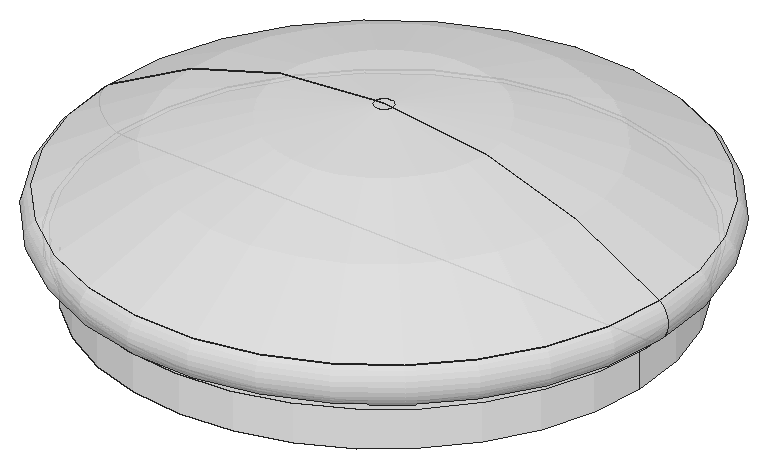
Revit family "0043265 Sylvania Lighting Fixture SYLCIRCLE SENSOR 17W 4000K", category Lighting Fixtures, host Face, Revit 2016
Family settings
  Host = Face
  Part Type = Normal
  Round Connector Dimension = Use Diameter
  OmniClass Number = 23.80.70.11.17
  OmniClass Title = Specialized Lighting by Location or Use
  Cut with Voids When Loaded = No
  Light Source = Yes
  Shared = No
  Room Calculation Point = No
Parameters (values of type "0043265 SYLCIRCLE SENSOR 17W 4000K")
  Weight = "4.512 kg"
  WarrantyStartDate [instance] = "n/a"
  WarrantyGuarantorParts = "n/a"
  WarrantyDurationUnit = "n/a"
  WarrantyDurationParts = "n/a"
  WarrantyDescription = "n/a"
  Voltage = 230 V
  TypeName = "SYLCIRCLE SENSOR 17W 4000K"
  SerialNumber [instance] = "n/a"
  Radius_FEILO = 165.0 mm
  Wattage = 17 W
  built-in parameter 1150110 = 1 (stored number, unit not read)
  URL = "http://www.sylvania-lighting.com"
  built-in parameter 1114217 = 1 (stored number, unit not read)
  Tilt Angle = -90°
  built-in parameter 1150109 = 1 (stored number, unit not read)
  built-in parameter 1150134 = 12
  built-in parameter 1150113 = 1 (stored number, unit not read)
  PowerFactor = 0.7
  PowerConsumption = "17 W"
  Photometric Web File = "0043265.ies"
  NominalWidth = 0.0 mm
  NominalLength = 330.0 mm
  NominalHeight = 96.0 mm
  Name = "SYLCIRCLE SENSOR 17W 4000K"
  ModelReference = "SYLCIRCLE SENSOR 17W 4000K"
  ModelNumber = "0043265"
  Material_4_FEILO = none
  Material_3_FEILO = Polycarbonate_Sylvania_Sylcircle_Opal
  Material_2_FEILO = Metal_Sylvania_Sylcircle_White
  Material_1_FEILO = none
  Material = "aluminium housing, polycarbonate diffuser"
  ManufacturerName = "Feilo Sylvania"
  LuminousEfficacy = "91 lm/W"
  LuminaireType = ""
  LightOutputRatio = "n/a"
  LampsType = Lamp  # "LED"
  LampNominalLuminous = "1545 lm"
  LampMacAdamStep = "6"
  LampColourTemperature = "4000 K"
  LampColourRenderingIndex = "80"
  Keynote = "16500"
  InstallationDate [instance] = "n/a"
  InputVoltage = "220-240V~"
  InputNominalFrequency = "50 Hz"
  IngressProtection = "IP44"
  ImpactProtectionIndex = "IK03"
  IfcExportType = "IfcLightFixtureType"
  IfcExportAs = "IfcLightFixtureType"
  Height_FEILO = 96.0 mm
  ExpectedLife = 50000
  ElectricShockClassification = "Class I"
  DurationUnit = "hours"
  DocumentationLiterature = "http://www.sylvania-lighting.com/product/en-int/products/0043265"
  DimmingControlOptions = "Non dimmable"
  Diameter_FEILO = 2 * Radius_FEILO  # 330.0 mm
  CreatedOn = "5/25/2018"
  CreatedBy = "aron.fodor@sylvania-lighting.com"
  built-in parameter 1114216 [instance] = 1 (stored number, unit not read)
  Model = "SYLCIRCLE SENSOR 17W 4000K"
  Manufacturer = "Feilo Sylvania"
  built-in parameter 1150105 = 433.23 (stored number, unit not read)
  Lumens = 1547 lm
  built-in parameter 1150115 = 1 (stored number, unit not read)
  built-in parameter 1150137 = (empty or 0)
  built-in parameter 1150139 = (empty or 0)
  built-in parameter 1150112 = 1 (stored number, unit not read)
  built-in parameter 1150114 = 1 (stored number, unit not read)
  Lamp = "LED"
  built-in parameter 1150132 = 2
  built-in parameter 1150102 = (empty or 0)
  built-in parameter 1150107 = 4000 (stored number, unit not read)
  built-in parameter 1150138 = (empty or 0)
  built-in parameter 1150106 = 4.3323 (stored number, unit not read)
  built-in parameter 1150104 = 8.4542 (stored number, unit not read)
  Dimming Lamp Color Temperature Shift = <None>
  Description = "Ceiling / wall luminaire with integrated LED  Perfect solution for hallways, circulation spaces or foyer.   Even and uniform light distribution with a halo lighting effect on the wall surface    17W 1500 lumens Supplied with LED driver (non-dimmable)    IK03 PMMA diffuser   Low maintenance with 30,000 hours LED life expectancy   Integral on/off microwave sensor"
  Default Elevation = 0.0 mm
  Color Filter = 16777215
  built-in parameter 1140040 [instance] = 1
  BarCode [instance] = "n/a"
  built-in parameter 1114218 = 1 (stored number, unit not read)
  built-in parameter 1150133 = 10 (stored number, unit not read)
  AssetType = "Fixed"
  AssetIdentifier [instance] = "n/a"
  Assembly Code = "D5020200"
  Apparent Load = 17 VA
Reference planes
  plane 1 "Center (Front/Back)": y = 0
  plane 2: z = 0
  plane 3 "Center (Left/Right)": x = 0
  plane 4: x = 165
  plane 5: z = 23
  plane 6 "Housing Bottom": z = 27
  plane 7: z = 50
  plane 8 "Fixture Bottom": z = 96
  plane 9: x = 160
  plane 10: x = 155
  plane 11: x = 152
  plane 12: x = 148
Forms (mm)
  Revolve 1, solid, material "Polycarbonate_Sylvania_Sylcircle_Opal" <- "Material_3_FEILO", detail levels fine
    sketch origin (0, 0, 0) x (1, 0, 0) y (0, 0, 1)
      loop
        line (0, 96) -> (0, 27) -> (154.962, 27)
        arc (154.962, 27) -> (164.736, 36.911) -> (160, 50) r 13.044
        arc (160, 50) -> (85.841, 84.257) -> (5, 96) r 284.141
        line (5, 96) -> (0, 96)
      axis (0, 96) -> (0, 27)
    angle from 0 to 360
  Revolve 2, solid, material "Metal_Sylvania_Sylcircle_White" <- "Material_2_FEILO", detail levels fine
    sketch origin (0, 0, 0) x (1, 0, 0) y (0, 0, 1)
      loop
        line (152, 27) -> (0, 27) -> (0, 0) -> (148, 0) -> (148, 23) -> (152, 23) -> (152, 27)
      axis (0, 27) -> (0, 0)
    angle from 0 to 360
  Revolve 3, solid, material "Metal_Sylvania_Sylcircle_White" <- "Material_2_FEILO", detail levels coarse+medium
    sketch origin (0, 0, 0) x (1, 0, 0) y (0, 0, 1)
      loop
        line (0, 96) -> (0, 0) -> (148, 0) -> (148, 23) -> (152, 23) -> (152, 27) -> (154.962, 27)
        arc (154.962, 27) -> (164.736, 36.911) -> (160, 50) r 13.044
        arc (160, 50) -> (85.841, 84.257) -> (5, 96) r 284.141
        line (5, 96) -> (0, 96)
      axis (0, 96) -> (0, 0)
    angle from 0 to 360
Dimensions and locks
  "Height_FEILO": plane 8 "Fixture Bottom" to plane 2
  "Radius_FEILO": plane 4 to plane 3 "Center (Left/Right)"
  plane 6 "Housing Bottom" to plane 5 to plane 2 = 4.0 mm locked, 23.0 mm locked
  plane 4 to plane 9 to plane 10 to plane 11 to plane 12 = 5.0 mm locked, 5.0 mm locked, 3.0 mm locked, 4.0 mm locked
  aligned and locked: plane 2 to host face
  aligned and locked: level to host face
  aligned and locked: plane 1 "Center (Front/Back)" to imposter light
  aligned and locked: plane 3 "Center (Left/Right)" to imposter light
  aligned and locked: Revolve 1 sketch curve to plane 3 "Center (Left/Right)"
  aligned and locked: plane 6 "Housing Bottom" to Revolve 1 sketch curve  (x2)
  aligned and locked: Revolve 1 sketch curve to plane 8 "Fixture Bottom"
  aligned and locked: plane 9 to Revolve 1 sketch curve
  aligned and locked: Revolve 2 sketch curve to plane 6 "Housing Bottom"
  aligned and locked: Revolve 2 sketch curve to plane 11
  aligned and locked: Revolve 2 sketch curve to plane 5
  aligned and locked: Revolve 2 sketch curve to plane 12
  aligned and locked: Revolve 2 sketch curve to plane 2
  aligned and locked: Revolve 2 sketch curve to plane 3 "Center (Left/Right)"  (x2)
  aligned and locked: plane 8 "Fixture Bottom" to imposter light
  aligned and locked: plane 9 to Revolve 3 sketch curve
  aligned and locked: plane 6 "Housing Bottom" to Revolve 3 sketch curve
  aligned and locked: plane 7 to Revolve 3 sketch curve
  aligned and locked: Revolve 3 sketch curve to imposter light
  aligned and locked: Revolve 3 sketch curve to plane 11
  aligned and locked: Revolve 3 sketch curve to plane 2
  aligned and locked: Revolve 3 sketch curve to plane 5
  aligned and locked: Revolve 3 sketch curve to plane 12
Automatic sketch dimensions
  host sketch curve to host sketch curve = 1305.563 mm
  host sketch curve to host sketch curve = 1283.632 mm
  Revolve 1 sketch curve to plane 3 "Center (Left/Right)" = 0.0 mm
  Revolve 1 sketch curve to plane 7 = 0.0 mm
  Revolve 1 sketch curve to plane 10 = 0.038 mm
  plane 3 "Center (Left/Right)" to Revolve 1 sketch curve = 5.0 mm
  Revolve 1 sketch curve to plane 10 = 3.007 mm
  Revolve 1 sketch curve to Revolve 1 sketch curve = 234.06 mm
  Revolve 1 sketch curve to Revolve 1 sketch curve = 2559.943 mm
  Revolve 2 sketch curve to level = 372.274 mm
  plane 8 "Fixture Bottom" to Revolve 2 sketch curve = 2559.943 mm
  Revolve 3 sketch curve to plane 3 "Center (Left/Right)" = 0.0 mm  (x2)
  plane 3 "Center (Left/Right)" to Revolve 3 sketch curve = 5.0 mm
  Revolve 3 sketch curve to plane 10 = 0.038 mm
  Revolve 3 sketch curve to plane 11 = 0.007 mm
  Revolve 3 sketch curve to Revolve 3 sketch curve = 234.06 mm
  Revolve 3 sketch curve to Revolve 3 sketch curve = 2559.943 mm
Connectors
  electrical at (0, 0, 0), driven by "Apparent Load", driven by "Voltage", driven by "PowerFactor"
    settings: on Revolve 2, index 1, voltage 230 V, apparent load 0 VA, apparent load phase1 17 VA, apparent load phase2 0 VA, apparent load phase3 0 VA, power factor 0.7, load classification "Lighting", number of poles 1, system type 31, power factor state 1, is connector primary yes, connector utility no, sub classification motor no, connector description ""
